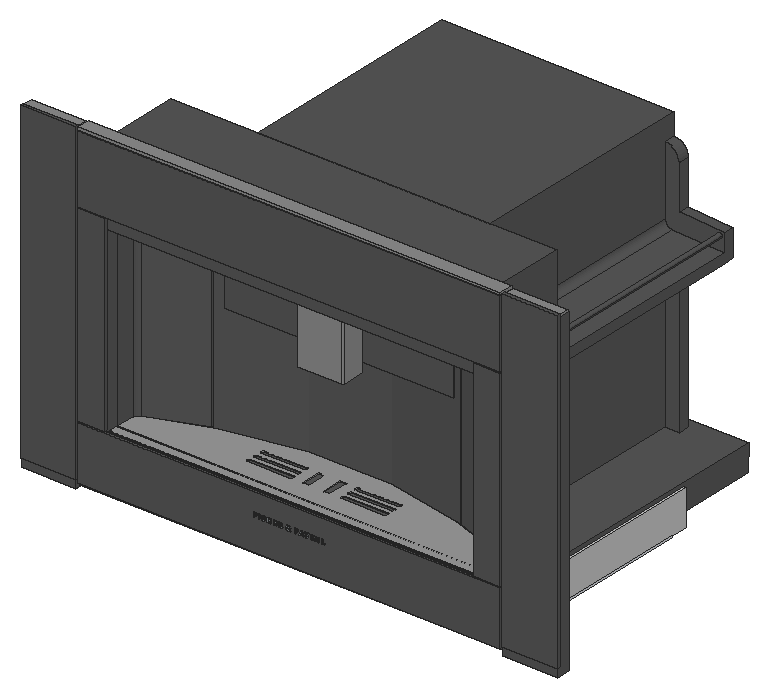
Revit family "FP-Revit20-en-EB30MSB3-BuiltInCoffeeMaker-0-90005525A-US-CA", category Specialty Equipment, Revit 2020
Family settings
  Round Connector Dimension = Use Diameter
  Part Type = Normal
  OmniClass Number = 23.40.40.14.17.31
  OmniClass Title = Small Specialized Cooking Equipment
  Work Plane-Based = No
  Always vertical = Yes
  Cut with Voids When Loaded = Yes
  Shared = No
  Room Calculation Point = No
Parameters (values of type "EB30MSB3")
  Visibility - Clearance Required = yes
  Visibility - 2 x 1mm spacers = yes
  URL = "www.fisherpaykel.com"
  Type Comments = "Minimal Black"
  Opening - Width = 762 mm  # constant formula
  Opening - Height = 460 mm  # constant formula
  Opening - Depth = 20 mm
  Model = "EB30MSB3"
  Material - Trim = Fisher & Paykel - Aluminium, Dark
  Material - Front = Fisher & Paykel - Glass, Black
  Manufacturer = "Fisher & Paykel Appliances"
  Description = "30in Built-In Coffee Maker"
  Default Elevation = 0 mm
  Connector Description - Electrical = "120 V, 60 Hz, 10A circuit"  # constant formula
  Cavity - Width = 560 mm  # constant formula
  Cavity - Height = 450 mm  # constant formula
  Cavity - Depth = 545 mm  # constant formula
Reference planes
  plane 1 "Center (Front/Back)": y = 0
  plane 2: z = 0
  plane 3 "Center (Left/Right)": x = 0
  plane 4 "Opening - Height": z = 460
  plane 5 "Product - Height": z = 458
  plane 6 "Product LHS": x = -381
  plane 7 "Product RHS": x = 381
  plane 8 "Cavity LHS": x = -280
  plane 9 "Cavity RHS": x = 280
  plane 10 "Cavity - Depth": y = 545
  plane 11 "Front": y = -20
  plane 12 "Slides": z = 2
  plane 13 "Cavity - Height": z = 450
Forms (mm)
  Extrusion 1, solid, material "Fisher & Paykel - Clearance Required", visible <- "Visibility - Clearance Required", detail levels coarse
    sketch origin (0, 0, 0) x (1, 0, 0) y (0, 1, 0)
      loop
        line (-280, 0) -> (280, 0) -> (280, 545) -> (-280, 545) -> (-280, 0)
    from 0 to 450
  Extrusion 2, void
    sketch origin (0, 0, 0) x (1, 0, 0) y (0, 1, 0)
      loop
        line (-280, 545) -> (-280, 0) -> (280, 0) -> (280, 545) -> (-280, 545)
    from 0 to 450
  Extrusion 3, solid, material "Fisher & Paykel - Clearance Required", visible <- "Visibility - Clearance Required", detail levels coarse
    sketch origin (0, 0, 0) x (1, 0, 0) y (0, 1, 0)
      loop
        line (-381, 0) -> (-381, -20) -> (-299, -20) -> (-299, -440) -> (299, -440) -> (299, -20) -> (381, -20) -> (381, 0) -> (-381, 0)
    from 0 to 460
  Extrusion 4, void
    sketch origin (0, 0, 0) x (1, 0, 0) y (0, 1, 0)
      loop
        line (-381, 0) -> (-381, -20) -> (381, -20) -> (381, 0) -> (-381, 0)
    from 0 to 460
  Extrusion 5, solid, visible <- "Visibility - 2 x 1mm spacers"
    sketch origin (0, 0, 0) x (1, 0, 0) y (0, 1, 0)
      loop
        line (-245, 304.699) -> (-280, 304.699) -> (-280, 4.699) -> (-245, 4.699) -> (-245, 304.699)
      loop
        line (245, 304.699) -> (245, 4.699) -> (280, 4.699) -> (280, 304.699) -> (245, 304.699)
    from 0 to 2
Text (mm)
  text "Due to ongoing product development, product details are subject to change without notice. \nPlease always refer to www.fisherpaykel.com for the most current product information. \n© Fisher & Paykel 2020" at (41.04, -248.295, 0), in view "Ref. Level (Plan)"
Dimensions and locks
  equal spacing: plane 6 "Product LHS", plane 3 "Center (Left/Right)", plane 7 "Product RHS"
  "Opening - Width": plane 6 "Product LHS" to plane 7 "Product RHS"
  equal spacing: plane 8 "Cavity LHS", plane 3 "Center (Left/Right)", plane 9 "Cavity RHS"
  "Cavity - Width": plane 8 "Cavity LHS" to plane 9 "Cavity RHS"
  "Cavity - Depth": plane 10 "Cavity - Depth" to plane 1 "Center (Front/Back)"
  "Opening - Depth": plane 11 "Front" to plane 1 "Center (Front/Back)"
  "Cavity - Height": level to plane 13 "Cavity - Height"
  "Opening - Height": plane 4 "Opening - Height" to level
  locked: Extrusion 3 to plane 11 "Front" at 420
  aligned and locked: level to plane 2
  aligned and locked: Extrusion 1 to Extrusion 2
  aligned and locked: Extrusion 2 to plane 13 "Cavity - Height"
  aligned and locked: nested 1 to plane 1 "Center (Front/Back)"
  aligned and locked: plane 3 "Center (Left/Right)" to nested 2
  aligned and locked: plane 11 "Front" to nested 2
  aligned and locked: plane 1 "Center (Front/Back)" to Extrusion 3 sketch curve
  aligned and locked: plane 1 "Center (Front/Back)" to Extrusion 4 sketch curve
  aligned and locked: plane 11 "Front" to Extrusion 4 sketch curve
  aligned and locked: plane 3 "Center (Left/Right)" to nested 3
  aligned and locked: Extrusion 2 to plane 9 "Cavity RHS"
  aligned and locked: Extrusion 1 to plane 9 "Cavity RHS"
  aligned and locked: Extrusion 1 to plane 8 "Cavity LHS"
  aligned and locked: Extrusion 2 to plane 8 "Cavity LHS"
  aligned and locked: plane 11 "Front" to nested 3
  aligned and locked: plane 6 "Product LHS" to Extrusion 4
  aligned and locked: Extrusion 4 to plane 7 "Product RHS"
  aligned and locked: Extrusion 3 sketch curve to plane 6 "Product LHS"
  aligned and locked: plane 11 "Front" to Extrusion 3 sketch curve  (x2)
  aligned and locked: plane 7 "Product RHS" to Extrusion 3 sketch curve
  aligned and locked: Extrusion 5 to plane 12 "Slides"
  aligned and locked: Extrusion 5 to level
Automatic sketch dimensions
  Extrusion 1 sketch curve to plane 10 "Cavity - Depth" = 0 mm
  plane 1 "Center (Front/Back)" to Extrusion 1 sketch curve = 0 mm
  Extrusion 1 sketch curve to plane 6 "Product LHS" = 101 mm
  plane 7 "Product RHS" to Extrusion 1 sketch curve = 101 mm
  plane 1 "Center (Front/Back)" to Extrusion 2 sketch curve = 0 mm
  Extrusion 2 sketch curve to plane 10 "Cavity - Depth" = 0 mm
  Extrusion 2 sketch curve to plane 6 "Product LHS" = 101 mm
  plane 7 "Product RHS" to Extrusion 2 sketch curve = 101 mm
  Extrusion 4 sketch curve to plane 9 "Cavity RHS" = 101 mm
  plane 8 "Cavity LHS" to Extrusion 4 sketch curve = 101 mm
  Extrusion 3 sketch curve to plane 11 "Front" = 420 mm
  Extrusion 5 sketch curve to plane 8 "Cavity LHS" = 0 mm
  Extrusion 5 sketch curve to plane 9 "Cavity RHS" = 0 mm
  Extrusion 5 sketch curve to plane 1 "Center (Front/Back)" = 4.699 mm  (x2)
  Extrusion 5 sketch curve to plane 8 "Cavity LHS" = 35 mm
  Extrusion 5 sketch curve to Extrusion 5 sketch curve = 35 mm
  Extrusion 5 sketch curve to plane 10 "Cavity - Depth" = 240.301 mm  (x2)
  plane 8 "Cavity LHS" to Extrusion 3 sketch curve = 19 mm
  Extrusion 3 sketch curve to plane 9 "Cavity RHS" = 19 mm
Nested families
  nested 1: "Coffee Chassis" at (0, -16, 0), type "Chassis Black"
  nested 2: "30in-76cm Coffee Fronts" at (0, 0, 0), type "Coffee Front Black INTERIM US"
  nested 3: "30in-76cm Coffee Trims" at (0, 0, 0), type "Coffee Trim Minimal (Black)"
Connectors
  electrical at (-101.254, 440, 186.022), driven by "Connector Description - Electrical"
    settings: on nested 1, index 1, voltage 120 V, apparent load 0 VA, apparent load phase1 0 VA, apparent load phase2 0 VA, apparent load phase3 0 VA, power factor 1, load classification "Other", number of poles 1, system type 30, power factor state 1, is connector primary yes, connector utility no, sub classification motor no, connector description "120 V, 60 Hz, 10A circuit"
Definition of nested family "Coffee Chassis"
  Parameters (values of type "Chassis Black")
    URL = "www.fisherpaykel.com"
    Product - Width = 596 mm  # constant formula
    Product - Height = 454 mm  # constant formula
    Product - Depth = 476 mm  # constant formula
    Model = ""
    Material - Trim = none
    Material - Tray = none
    Material - Slides = none
    Material - Body = none
    Manufacturer = "Fisher & Paykel Appliances"
    Description = ""
    Default Elevation = 0 mm
    Control Panel - Depth = 20 mm  # constant formula
    Chassis - Width = 560 mm  # constant formula
    Chassis - Height = 445 mm  # constant formula
    Chassis - Depth = 460 mm  # constant formula
  Reference planes
    plane 1 "Front": y = 0
    plane 2: z = 0
    plane 3 "Center (Left/Right)": x = 0
    plane 4 "Product LHS": x = -298
    plane 5 "Product RHS": x = 298
    plane 6 "Product Depth": y = 476
    plane 7 "Slides": z = 2
    plane 8 "Chassis - Height": z = 445
    plane 9 "Mouth - Top": z = 341
    plane 10 "Mouth - Bottom": z = 85
    plane 11 "Chassis LHS": x = -280
    plane 12 "Chassis RHS": x = 280
    plane 13 "Datum": y = 16
    plane 14 "Product - Height": z = 454
    plane 15 "Base": z = 14.93
    plane 16 "Gap - Bottom": z = 5
  Forms (mm)
    Extrusion 1, solid, material <- "Material - Body"
      sketch origin (0, 0, 0) x (0, 1, 0) y (0, 0, 1)
        loop
          line (128.374, 53.16) -> (128.374, 445) -> (16, 445) -> (16, 14.93) -> (465.804, 14.93) -> (465.804, 53.16) -> (128.374, 53.16)
      from -272 to 271.988
    Extrusion 2, solid, material <- "Material - Body", detail levels fine
      sketch origin (0, 0, 915) x (1, 0, 0) y (0, 0, 1)
        loop
          circle (255.488, -592.902) r 3
        loop
          arc (187.563, -609.055) -> (180.786, -606.262) -> (177.977, -599.491) r 9.564
          line (177.977, -599.491) -> (177.977, -470) -> (-150, -470) -> (-150, -598.732)
          arc (-150, -598.732) -> (-152.821, -605.693) -> (-159.691, -608.727) r 10
          line (-159.691, -608.727) -> (-262.013, -611.888) -> (-262.013, -626.018) -> (-159.512, -631.025)
          arc (-159.512, -631.025) -> (-152.758, -634.117) -> (-150, -641.013) r 10
          line (-150, -641.013) -> (-150, -861.84) -> (177.977, -861.84) -> (177.977, -640.642)
          arc (177.977, -640.642) -> (180.691, -633.793) -> (187.359, -630.661) r 10
          line (187.359, -630.661) -> (261.48, -626.071) -> (261.48, -612.279) -> (187.563, -609.055)
        loop
          circle (-255.488, -591.866) r 3
      from -436.81 to -128.374
    Extrusion 3, solid, material <- "Material - Body", detail levels fine
      sketch origin (0, 0, 0) x (1, 0, 0) y (0, 0, 1)
        loop
          line (261.565, 327.556) -> (197.96, 331.426) -> (197.96, 393.606)
          arc (197.96, 393.606) -> (192.107, 407.736) -> (177.977, 413.589) r 19.983
          line (177.977, 413.589) -> (177.977, 445) -> (-150, 445) -> (-150, 413.178)
          arc (-150, 413.178) -> (-164.13, 407.325) -> (-169.983, 393.195) r 19.983
          line (-169.983, 393.195) -> (-169.983, 331.879) -> (-262.057, 328.011) -> (-262.057, 288.985) -> (-170, 284.487) -> (-170, 53.16) -> (197.977, 53.16) -> (197.977, 286.156) -> (261.565, 288.933) -> (261.565, 327.556)
      from -452.248 to -436.81
    Extrusion 4, void
      sketch origin (0, 0, 0) x (1, 0, 0) y (0, 1, 0)
        loop
          line (-260.211, 0) -> (260.211, 0) -> (258.097, 43.307)
          arc (258.097, 43.307) -> (256.532, 47.844) -> (252.912, 50.994) r 9.287
          arc (252.912, 50.994) -> (215.2, 66.982) -> (176.484, 80.359) r 600.007
          line (176.484, 80.359) -> (176.484, 87.818) -> (173.853, 87.818) -> (173.853, 81.162)
          arc (173.853, 81.162) -> (0, 106.902) -> (-173.853, 81.162) r 600.007
          line (-173.853, 81.162) -> (-173.853, 87.818) -> (-176.484, 87.818) -> (-176.484, 80.359)
          arc (-176.484, 80.359) -> (-215.2, 66.982) -> (-252.912, 50.994) r 600.007
          arc (-252.912, 50.994) -> (-256.532, 47.844) -> (-258.097, 43.307) r 9.287
          line (-258.097, 43.307) -> (-260.211, 0)
      from 85 to 341
    Extrusion 5, solid, material <- "Material - Body", detail levels fine
      sketch origin (0, 0, 0) x (1, 0, 0) y (0, 1, 0)
        loop
          line (-238.877, 56.473) -> (238.036, 56.473) -> (238.036, 116.01) -> (-238.877, 116.01) -> (-238.877, 56.473)
      from 314 to 341
    Extrusion 6, solid, material <- "Material - Trim", detail levels medium+fine
      sketch origin (0, 0, 0) x (1, 0, 0) y (0, 1, 0)
        loop
          line (-33, 83.529) -> (-33, 52.807)
          arc (-33, 52.807) -> (-32.412, 51.388) -> (-30.993, 50.8) r 2.007
          line (-30.993, 50.8) -> (31, 50.8)
          arc (31, 50.8) -> (32.414, 51.386) -> (33, 52.8) r 2
          line (33, 52.8) -> (33, 83.529) -> (-33, 83.529)
      from 225.543 to 324.588
    Extrusion 7, solid, material <- "Material - Body", detail levels coarse+medium
      sketch origin (0, -20, 915) x (-1, 0, 0) y (0, 0, 1)
        loop
          line (-197.977, -582.445) -> (-261.48, -582.445) -> (-261.48, -628.151) -> (-197.977, -628.151) -> (-197.977, -861.84) -> (170, -861.84) -> (170, -628.151) -> (261.967, -628.151) -> (261.967, -582.445) -> (170, -582.445) -> (170, -470) -> (-197.977, -470) -> (-197.977, -582.445)
      from 148.374 to 472.248
    Extrusion 8, solid, material <- "Material - Slides"
      sketch origin (0, 0, 0) x (1, 0, 0) y (0, 0, 1)
        loop
          line (254.775, 2) -> (280, 2) -> (280, 52.016) -> (277.498, 52.016) -> (277.498, 4.93) -> (259.1, 4.93) -> (259.1, 32.03) -> (235, 32.03) -> (235, 3.438) -> (254.775, 3.438) -> (254.775, 2)
        loop
          line (-254.775, 2) -> (-254.775, 3.539) -> (-235, 3.539) -> (-235, 32.03) -> (-259.1, 32.03) -> (-259.1, 4.93) -> (-277.498, 4.93) -> (-277.498, 52.016) -> (-280, 52.016) -> (-280, 2) -> (-254.775, 2)
      from -345.209 to -18.121
    Extrusion 9, solid, material <- "Material - Tray", detail levels fine
      sketch origin (0, 0, 0) x (1, 0, 0) y (0, 1, 0)
        loop
          line (-260.065, 3) -> (260.065, 3) -> (258.113, 42.974)
          arc (258.113, 42.974) -> (256.505, 47.816) -> (252.624, 51.127) r 9.5
          arc (252.624, 51.127) -> (0.01, 106.902) -> (-252.606, 51.136) r 600.007
          arc (-252.606, 51.136) -> (-256.5, 47.813) -> (-258.114, 42.954) r 9.532
          line (-258.114, 42.954) -> (-260.065, 3)
        loop
          arc (-96.162, 73.7) -> (-99.162, 70.7) -> (-96.162, 67.7) r 3
          line (-96.162, 67.7) -> (-36.788, 67.7)
          arc (-36.788, 67.7) -> (-33.788, 70.7) -> (-36.788, 73.7) r 3
          line (-36.788, 73.7) -> (-96.162, 73.7)
        loop
          arc (-96.162, 61.7) -> (-99.162, 58.7) -> (-96.162, 55.7) r 3
          line (-96.162, 55.7) -> (-36.788, 55.7)
          arc (-36.788, 55.7) -> (-33.788, 58.7) -> (-36.788, 61.7) r 3
          line (-36.788, 61.7) -> (-96.162, 61.7)
        loop
          arc (-96.162, 49.7) -> (-99.162, 46.7) -> (-96.162, 43.7) r 3
          line (-96.162, 43.7) -> (-36.788, 43.7)
          arc (-36.788, 43.7) -> (-33.788, 46.7) -> (-36.788, 49.7) r 3
          line (-36.788, 49.7) -> (-96.162, 49.7)
        loop
          line (-19.49, 73.102) -> (-19.49, 44.102) -> (-10.49, 44.102) -> (-10.49, 73.102) -> (-19.49, 73.102)
        loop
          line (96.162, 73.7) -> (36.788, 73.7)
          arc (36.788, 73.7) -> (33.788, 70.7) -> (36.788, 67.7) r 3
          line (36.788, 67.7) -> (96.162, 67.7)
          arc (96.162, 67.7) -> (99.162, 70.7) -> (96.162, 73.7) r 3
        loop
          line (96.162, 61.7) -> (36.788, 61.7)
          arc (36.788, 61.7) -> (33.788, 58.7) -> (36.788, 55.7) r 3
          line (36.788, 55.7) -> (96.162, 55.7)
          arc (96.162, 55.7) -> (99.162, 58.7) -> (96.162, 61.7) r 3
        loop
          line (96.162, 49.7) -> (36.788, 49.7)
          arc (36.788, 49.7) -> (33.788, 46.7) -> (36.788, 43.7) r 3
          line (36.788, 43.7) -> (96.162, 43.7)
          arc (96.162, 43.7) -> (99.162, 46.7) -> (96.162, 49.7) r 3
        loop
          line (19.49, 73.102) -> (10.49, 73.102) -> (10.49, 44.102) -> (19.49, 44.102) -> (19.49, 73.102)
      from 84.2 to 85.2
    Extrusion 10, solid, material <- "Material - Body"
      sketch origin (0, 0, 0) x (0, 1, 0) y (0, 0, 1)
        loop
          line (465.804, 40.93) -> (465.804, 14.93) -> (476, 14.93) -> (476, 40.93) -> (465.804, 40.93)
      from -56 to 56
    Extrusion 11, solid, material <- "Material - Body"
      sketch origin (0, 0, 0) x (1, 0, 0) y (0, 0, 1)
        loop
          line (-298, 454) -> (-298, 5) -> (298, 5) -> (298, 454) -> (-298, 454)
        loop
          line (-47, 433.93) -> (-47, 380.93) -> (47, 380.93) -> (47, 433.93) -> (-47, 433.93)
      from -16 to 0
    Extrusion 12, solid, material <- "Material - Body"
      sketch origin (0, 0, 0) x (1, 0, 0) y (0, 1, 0)
        loop
          line (-122.901, 460.543) -> (-122.901, 452.248) -> (-79.501, 452.248) -> (-79.501, 460.543) -> (-122.901, 460.543)
      from 214 to 292
    Extrusion 13, solid, material <- "Material - Body", detail levels medium+fine
      sketch origin (0, -0.938, 0) x (1, 0, 0) y (0, 1, 0)
        loop
          circle (-101.254, 456.938) r 3
      from 186.022 to 214
    Extrusion 14, solid, material <- "Material - Body", detail levels fine
      sketch origin (0, 0, 0) x (1, 0, 0) y (0, 0, 1)
        loop
          line (156.598, 369.528) -> (-63.802, 369.528) -> (-63.802, 164.332) -> (156.598, 164.332) -> (156.598, 369.528)
      from -462.6 to -452.248
    Extrusion 15, solid, material <- "Material - Body"
      sketch origin (0, 0, 0) x (1, 0, 0) y (0, 0, 1)
        loop
          circle (-78, 71.181) r 5
        loop
          circle (-78, 71.181) r 3
      from -460 to -452.248
    Extrusion 16, solid, material <- "Material - Body", detail levels fine
      sketch origin (0, 0, 0) x (1, 0, 0) y (0, 0, 1)
        loop
          line (-162.217, 314) -> (-162.217, 239.014) -> (162.217, 239.014) -> (162.217, 314) -> (-162.217, 314)
      from -116.01 to -83.529
    Extrusion 17, solid, material <- "Material - Body", detail levels fine
      sketch origin (0, 0, 0) x (-1, 0, 0) y (0, -1, 0)
        loop
          line (245, -320.699) -> (280, -320.699) -> (280, -20.699) -> (245, -20.699) -> (245, -320.699)
      from 0 to 2
  Cuts and joins
    Extrusion 4 cuts Extrusion 1
    Extrusion 4 cuts Extrusion 11
    joined: Extrusion 2, Extrusion 3
  Text (mm)
    text "Due to ongoing product development, product details are subject to change without notice. \nPlease always refer to www.fisherpaykel.com for the most current product information. \n© Fisher & Paykel 2020" at (41.04, -248.295, 0), in view "Ref. Level (Plan)"
  Dimensions and locks
    equal spacing: plane 4 "Product LHS", plane 3 "Center (Left/Right)", plane 5 "Product RHS"
    "Product - Width": plane 4 "Product LHS" to plane 5 "Product RHS"
    equal spacing: plane 11 "Chassis LHS", plane 3 "Center (Left/Right)", plane 12 "Chassis RHS"
    "Chassis - Width": plane 11 "Chassis LHS" to plane 12 "Chassis RHS"
    "Product - Depth": plane 6 "Product Depth" to plane 1 "Front"
    locked: plane 9 "Mouth - Top" to plane 10 "Mouth - Bottom" at 256
    Extrusion 6 to Extrusion 6 = 99.045 mm
    Extrusion 6 to plane 10 "Mouth - Bottom" = 140.543 mm
    "Chassis - Depth": plane 6 "Product Depth" to plane 13 "Datum"
    "Chassis - Height": plane 8 "Chassis - Height" to level
    "Product - Height": level to plane 14 "Product - Height"
    locked: plane 16 "Gap - Bottom" to level at 5
    locked: plane 10 "Mouth - Bottom" to level at 85
    aligned and locked: level to plane 2
    aligned and locked: Extrusion 2 to Extrusion 1
    aligned and locked: Extrusion 3 to Extrusion 2  (x2)
    aligned and locked: Extrusion 4 to Extrusion 5
    aligned and locked: plane 9 "Mouth - Top" to cut or joined group of Extrusion 1, Extrusion 4
    aligned and locked: plane 10 "Mouth - Bottom" to cut or joined group of Extrusion 1, Extrusion 4
    aligned and locked: Extrusion 7 to Extrusion 7  (x2)
    aligned and locked: plane 8 "Chassis - Height" to cut or joined group of Extrusion 1, Extrusion 4
    aligned and locked: plane 8 "Chassis - Height" to Extrusion 2
    aligned and locked: Extrusion 3 sketch curve to cut or joined group of Extrusion 1, Extrusion 4
    aligned and locked: Extrusion 10 sketch curve to plane 6 "Product Depth"
    aligned and locked: Extrusion 1 sketch curve to Extrusion 10
    aligned and locked: Extrusion 11 sketch curve to plane 4 "Product LHS"
    aligned and locked: plane 5 "Product RHS" to Extrusion 11 sketch curve
    aligned and locked: plane 14 "Product - Height" to Extrusion 11 sketch curve
    aligned and locked: plane 13 "Datum" to Extrusion 11
    aligned and locked: plane 1 "Front" to Extrusion 4
    aligned and locked: plane 12 "Chassis RHS" to Extrusion 8
    aligned and locked: Extrusion 7 to cut or joined group of Extrusion 1, Extrusion 4
    aligned and locked: Extrusion 13 to Extrusion 12
    aligned and locked: cut or joined group of Extrusion 1, Extrusion 4 to Extrusion 2 sketch curve
    aligned and locked: plane 16 "Gap - Bottom" to cut or joined group of Extrusion 4, Extrusion 11
    aligned and locked: Extrusion 3 sketch curve to Extrusion 2  (x2)
    aligned and locked: Extrusion 14 to Extrusion 3
    aligned and locked: Extrusion 5 to Extrusion 16
    aligned and locked: Extrusion 17 to plane 7 "Slides"
    aligned and locked: Extrusion 17 to level
  Automatic sketch dimensions
    Extrusion 1 sketch curve to plane 13 "Datum" = 0 mm
    Extrusion 1 sketch curve to plane 8 "Chassis - Height" = 0 mm
    plane 10 "Mouth - Bottom" to Extrusion 1 sketch curve = 31.84 mm
    Extrusion 1 sketch curve to plane 6 "Product Depth" = 10.196 mm
    Extrusion 2 sketch curve to plane 8 "Chassis - Height" = 0 mm
    plane 11 "Chassis LHS" to Extrusion 2 sketch curve = 17.987 mm
    Extrusion 2 sketch curve to Extrusion 2 sketch curve = 6.524 mm
    Extrusion 2 sketch curve to plane 9 "Mouth - Top" = 24.732 mm
    Extrusion 2 sketch curve to Extrusion 2 sketch curve = 95.488 mm
    Extrusion 2 sketch curve to Extrusion 2 sketch curve = 0 mm
    Extrusion 2 sketch curve to plane 9 "Mouth - Top" = 34.727 mm
    Extrusion 2 sketch curve to Extrusion 2 sketch curve = 0.309 mm
    Extrusion 2 sketch curve to plane 9 "Mouth - Top" = 57.025 mm
    Extrusion 2 sketch curve to Extrusion 2 sketch curve = 0.488 mm
    plane 11 "Chassis LHS" to Extrusion 2 sketch curve = 130 mm
    Extrusion 2 sketch curve to plane 12 "Chassis RHS" = 102.023 mm  (x2)
    Extrusion 2 sketch curve to plane 9 "Mouth - Top" = 56.661 mm
    Extrusion 2 sketch curve to Extrusion 2 sketch curve = 9.382 mm
    Extrusion 2 sketch curve to Extrusion 2 sketch curve = 9.564 mm
    Extrusion 2 sketch curve to plane 9 "Mouth - Top" = 35.055 mm
    Extrusion 2 sketch curve to Extrusion 2 sketch curve = 0.022 mm
    Extrusion 2 sketch curve to Extrusion 2 sketch curve = 10 mm
    Extrusion 2 sketch curve to plane 12 "Chassis RHS" = 24.512 mm
    Extrusion 2 sketch curve to plane 12 "Chassis RHS" = 18.52 mm
    Extrusion 2 sketch curve to plane 9 "Mouth - Top" = 52.071 mm
    Extrusion 2 sketch curve to plane 9 "Mouth - Top" = 52.018 mm
    Extrusion 2 sketch curve to Extrusion 2 sketch curve = 13.792 mm
    Extrusion 2 sketch curve to Extrusion 2 sketch curve = 14.129 mm
    Extrusion 2 sketch curve to plane 9 "Mouth - Top" = 18.902 mm
    Extrusion 2 sketch curve to plane 9 "Mouth - Top" = 17.866 mm
    Extrusion 3 sketch curve to plane 8 "Chassis - Height" = 0 mm
    Extrusion 3 sketch curve to plane 9 "Mouth - Top" = 9.121 mm
    Extrusion 3 sketch curve to Extrusion 3 sketch curve = 19.983 mm  (x2)
    Extrusion 3 sketch curve to Extrusion 3 sketch curve = 0.017 mm
    plane 11 "Chassis LHS" to Extrusion 3 sketch curve = 17.943 mm
    Extrusion 3 sketch curve to plane 9 "Mouth - Top" = 9.574 mm
    Extrusion 3 sketch curve to plane 12 "Chassis RHS" = 82.023 mm
    Extrusion 3 sketch curve to plane 12 "Chassis RHS" = 18.435 mm
    Extrusion 3 sketch curve to Extrusion 3 sketch curve = 47.392 mm
    Extrusion 3 sketch curve to Extrusion 3 sketch curve = 45.269 mm
    Extrusion 3 sketch curve to plane 9 "Mouth - Top" = 52.067 mm
    Extrusion 3 sketch curve to plane 9 "Mouth - Top" = 52.015 mm
    Extrusion 3 sketch curve to plane 9 "Mouth - Top" = 13.444 mm
    Extrusion 3 sketch curve to plane 9 "Mouth - Top" = 12.989 mm
    Extrusion 3 sketch curve to plane 8 "Chassis - Height" = 51.805 mm
    Extrusion 3 sketch curve to plane 8 "Chassis - Height" = 51.394 mm
    Extrusion 4 sketch curve to Extrusion 4 sketch curve = 0 mm  (x4)
    plane 1 "Front" to Extrusion 4 sketch curve = 0 mm
    Extrusion 4 sketch curve to plane 3 "Center (Left/Right)" = 0 mm
    plane 11 "Chassis LHS" to Extrusion 4 sketch curve = 106.147 mm
    Extrusion 4 sketch curve to Extrusion 4 sketch curve = 2.63 mm  (x2)
    plane 11 "Chassis LHS" to Extrusion 4 sketch curve = 31.167 mm
    Extrusion 4 sketch curve to Extrusion 4 sketch curve = 9.264 mm  (x2)
    plane 11 "Chassis LHS" to Extrusion 4 sketch curve = 19.789 mm
    Extrusion 4 sketch curve to plane 12 "Chassis RHS" = 106.147 mm
    Extrusion 4 sketch curve to plane 12 "Chassis RHS" = 31.167 mm
    Extrusion 4 sketch curve to plane 12 "Chassis RHS" = 19.789 mm
    plane 1 "Front" to Extrusion 4 sketch curve = 493.105 mm
    Extrusion 4 sketch curve to Extrusion 4 sketch curve = 0.657 mm  (x2)
    Extrusion 4 sketch curve to plane 1 "Front" = 80.359 mm  (x2)
    Extrusion 4 sketch curve to Extrusion 4 sketch curve = 0.803 mm
    Extrusion 4 sketch curve to Extrusion 4 sketch curve = 6.656 mm  (x2)
    plane 11 "Chassis LHS" to Extrusion 5 sketch curve = 41.123 mm
    Extrusion 5 sketch curve to plane 12 "Chassis RHS" = 41.964 mm
    Extrusion 5 sketch curve to Extrusion 5 sketch curve = 59.537 mm
    Extrusion 6 sketch curve to plane 3 "Center (Left/Right)" = 33 mm
    Extrusion 6 sketch curve to Extrusion 6 sketch curve = 2.007 mm
    plane 3 "Center (Left/Right)" to Extrusion 6 sketch curve = 31 mm
    plane 3 "Center (Left/Right)" to Extrusion 6 sketch curve = 33 mm
    Extrusion 6 sketch curve to Extrusion 6 sketch curve = 30.729 mm
    Extrusion 7 sketch curve to plane 8 "Chassis - Height" = 0 mm
    Extrusion 7 sketch curve to plane 12 "Chassis RHS" = 18.52 mm
    Extrusion 7 sketch curve to plane 9 "Mouth - Top" = 8.445 mm  (x2)
    Extrusion 7 sketch curve to Extrusion 7 sketch curve = 63.503 mm
    Extrusion 7 sketch curve to Extrusion 7 sketch curve = 0 mm  (x2)
    Extrusion 7 sketch curve to plane 9 "Mouth - Top" = 54.151 mm
    plane 11 "Chassis LHS" to Extrusion 7 sketch curve = 110 mm
    plane 11 "Chassis LHS" to Extrusion 7 sketch curve = 18.033 mm
    Extrusion 7 sketch curve to Extrusion 7 sketch curve = 45.705 mm
    plane 10 "Mouth - Bottom" to Extrusion 7 sketch curve = 31.84 mm
    Extrusion 9 sketch curve to plane 3 "Center (Left/Right)" = 0 mm
    Extrusion 9 sketch curve to plane 3 "Center (Left/Right)" = 10.49 mm
    Extrusion 9 sketch curve to Extrusion 9 sketch curve = 9 mm  (x2)
    Extrusion 9 sketch curve to Extrusion 9 sketch curve = 17.298 mm  (x3)
    Extrusion 9 sketch curve to Extrusion 9 sketch curve = 0 mm  (x9)
    Extrusion 9 sketch curve to Extrusion 9 sketch curve = 59.375 mm  (x2)
    plane 11 "Chassis LHS" to Extrusion 9 sketch curve = 31.407 mm
    Extrusion 9 sketch curve to Extrusion 9 sketch curve = 9.521 mm
    Extrusion 9 sketch curve to plane 1 "Front" = 3 mm
    plane 11 "Chassis LHS" to Extrusion 9 sketch curve = 19.935 mm
    plane 3 "Center (Left/Right)" to Extrusion 9 sketch curve = 10.49 mm
    Extrusion 9 sketch curve to plane 12 "Chassis RHS" = 31.376 mm
    Extrusion 9 sketch curve to Extrusion 9 sketch curve = 9.489 mm
    Extrusion 9 sketch curve to plane 12 "Chassis RHS" = 19.935 mm
    plane 1 "Front" to Extrusion 9 sketch curve = 493.105 mm
    Extrusion 9 sketch curve to Extrusion 9 sketch curve = 0.465 mm
    Extrusion 9 sketch curve to Extrusion 9 sketch curve = 0.463 mm
    Extrusion 9 sketch curve to Extrusion 9 sketch curve = 3 mm  (x6)
    Extrusion 9 sketch curve to Extrusion 9 sketch curve = 6 mm  (x4)
    Extrusion 9 sketch curve to Extrusion 9 sketch curve = 0.598 mm  (x2)
    plane 15 "Base" to Extrusion 10 sketch curve = 0 mm
    Extrusion 10 sketch curve to plane 6 "Product Depth" = 10.196 mm
    Extrusion 10 sketch curve to plane 15 "Base" = 26 mm
    Extrusion 11 sketch curve to plane 16 "Gap - Bottom" = 0 mm
    Extrusion 11 sketch curve to plane 8 "Chassis - Height" = 11.07 mm
    Extrusion 11 sketch curve to plane 3 "Center (Left/Right)" = 47 mm
    plane 3 "Center (Left/Right)" to Extrusion 11 sketch curve = 47 mm
    plane 9 "Mouth - Top" to Extrusion 11 sketch curve = 39.93 mm
    Extrusion 12 sketch curve to plane 6 "Product Depth" = 23.752 mm
    Extrusion 12 sketch curve to plane 3 "Center (Left/Right)" = 122.901 mm
    Extrusion 12 sketch curve to Extrusion 12 sketch curve = 43.4 mm
    Extrusion 12 sketch curve to Extrusion 12 sketch curve = 8.295 mm
    Extrusion 13 sketch curve to plane 6 "Product Depth" = 20 mm
    Extrusion 13 sketch curve to plane 3 "Center (Left/Right)" = 101.254 mm
    plane 9 "Mouth - Top" to Extrusion 14 sketch curve = 28.528 mm
    Extrusion 14 sketch curve to plane 3 "Center (Left/Right)" = 63.802 mm
    Extrusion 14 sketch curve to plane 12 "Chassis RHS" = 123.402 mm
    Extrusion 14 sketch curve to plane 10 "Mouth - Bottom" = 79.332 mm
    Extrusion 15 sketch curve to Extrusion 15 sketch curve = 0 mm  (x2)
    plane 10 "Mouth - Bottom" to Extrusion 15 sketch curve = 13.819 mm
    Extrusion 15 sketch curve to plane 3 "Center (Left/Right)" = 78 mm
    plane 11 "Chassis LHS" to Extrusion 16 sketch curve = 117.783 mm
    Extrusion 16 sketch curve to plane 12 "Chassis RHS" = 117.783 mm
    Extrusion 16 sketch curve to plane 9 "Mouth - Top" = 101.986 mm
    Extrusion 16 sketch curve to plane 9 "Mouth - Top" = 27 mm
    Extrusion 17 sketch curve to plane 11 "Chassis LHS" = 0 mm
    Extrusion 17 sketch curve to plane 11 "Chassis LHS" = 35 mm
    Extrusion 8 sketch curve to plane 11 "Chassis LHS" = 0 mm
    Extrusion 8 sketch curve to plane 7 "Slides" = 0 mm  (x2)
    Extrusion 8 sketch curve to plane 12 "Chassis RHS" = 0 mm
    Extrusion 8 sketch curve to plane 16 "Gap - Bottom" = 0.07 mm  (x2)
    plane 11 "Chassis LHS" to Extrusion 8 sketch curve = 2.502 mm
    Extrusion 8 sketch curve to Extrusion 8 sketch curve = 18.398 mm
    Extrusion 8 sketch curve to Extrusion 8 sketch curve = 4.325 mm
    Extrusion 8 sketch curve to Extrusion 8 sketch curve = 24.1 mm
    Extrusion 8 sketch curve to plane 15 "Base" = 17.1 mm  (x2)
    Extrusion 8 sketch curve to plane 12 "Chassis RHS" = 45 mm
    Extrusion 8 sketch curve to Extrusion 8 sketch curve = 19.775 mm
    Extrusion 8 sketch curve to plane 12 "Chassis RHS" = 20.9 mm
    Extrusion 8 sketch curve to plane 12 "Chassis RHS" = 2.502 mm
    Extrusion 8 sketch curve to plane 7 "Slides" = 1.438 mm
    Extrusion 8 sketch curve to plane 16 "Gap - Bottom" = 1.461 mm
    Extrusion 8 sketch curve to Extrusion 8 sketch curve = 19.986 mm  (x2)
    plane 13 "Datum" to Extrusion 1 sketch curve = 112.374 mm
    Extrusion 4 sketch curve to plane 1 "Front" = 42.65 mm  (x2)
    plane 13 "Datum" to Extrusion 5 sketch curve = 40.473 mm
    plane 13 "Datum" to Extrusion 6 sketch curve = 34.8 mm
    plane 13 "Datum" to Extrusion 9 sketch curve = 26.489 mm
    plane 13 "Datum" to Extrusion 9 sketch curve = 26.511 mm
    plane 13 "Datum" to Extrusion 9 sketch curve = 27.7 mm  (x2)
    Extrusion 9 sketch curve to Extrusion 9 sketch curve = 0.402 mm
    Extrusion 17 sketch curve to plane 13 "Datum" = 4.699 mm
    plane 6 "Product Depth" to Extrusion 17 sketch curve = 155.301 mm
    radius of Extrusion 2 sketch curve = 3 mm  (x2)
    radius of Extrusion 13 sketch curve = 3 mm
    radius of Extrusion 15 sketch curve = 5 mm
    radius of Extrusion 15 sketch curve = 3 mm
Definition of nested family "30in-76cm Coffee Fronts"
  Parameters (values of type "Coffee Front Black INTERIM US")
    URL = "www.fisherpaykel.com"
    Product - Width = 596 mm
    Product - Height = 458 mm  # constant formula
    Product - Depth = 20 mm
    Model = ""
    Material - Trim = none
    Material - Logo = none
    Material - Front = none
    Material - Display Panel = none
    Material - Body = none
    Manufacturer = "Fisher & Paykel Appliances"
    Keynote = ""
    Visibility - Interim Black US = yes
    Gap Lower - Height = 9 mm
    Description = ""
    Default Elevation = 0 mm
  Reference planes
    plane 1 "Datum": y = 0
    plane 2: z = 0
    plane 3 "Center (Left/Right)": x = 0
    plane 4 "Product - Height": z = 458
    plane 5 "Front": y = -20
    plane 6 "Bottom Gap": z = 9
    plane 7 "Product - Width RHS": x = 298
    plane 8 "Product - Width LHS": x = -298
    plane 9 "Frame": y = -16
    plane 10 "A": z = 358
    plane 11 "D": x = 260
    plane 12 "B": z = 84.984
    plane 13 "C": x = -260
  Forms (mm)
    Extrusion 1, solid, material <- "Material - Front", detail levels coarse
      sketch origin (0, 0, 0) x (1, 0, 0) y (0, 0, 1)
        loop
          line (-298, 458) -> (-298, 9) -> (298, 9) -> (298, 458) -> (-298, 458)
        loop
          line (-260, 84.984) -> (260, 84.984) -> (260, 358) -> (-260, 358) -> (-260, 84.984)
      from 16 to 20
    Extrusion 2, solid, material <- "Material - Front", visible <- "Visibility - Interim Black US", detail levels medium+fine
      sketch origin (0, 0, 0) x (1, 0, 0) y (0, 0, 1)
        loop
          line (-298, 454.13) -> (-298, 358) -> (298, 358) -> (298, 454.13) -> (-298, 454.13)
        loop
          line (-260, 356) -> (-298, 356) -> (-298, 86.984) -> (-260, 86.984) -> (-260, 356)
        loop
          line (-298, 9) -> (298, 9) -> (298, 84.984) -> (-298, 84.984) -> (-298, 9)
        loop
          line (260, 356) -> (260, 86.984) -> (298, 86.984) -> (298, 356) -> (260, 356)
      from 16 to 20
    Extrusion 3, solid, material <- "Material - Logo", visible <- "Visibility - Interim Black US", detail levels fine
      sketch origin (0.043, 1.992, 58.199) x (1, 0, 0) y (0, 0, 1)
        loop
          line (-50.044, -5.187) -> (-48.47, -5.187) -> (-48.47, -3.05) -> (-46.011, -3.05) -> (-46.011, -1.715) -> (-48.47, -1.715) -> (-48.47, -0.476) -> (-45.795, -0.476) -> (-45.795, 0.852) -> (-50.044, 0.852) -> (-50.044, -5.187)
        loop
          line (-42.804, 0.852) -> (-42.804, -5.187) -> (-41.23, -5.187) -> (-41.23, 0.852) -> (-42.804, 0.852)
        loop
          line (-30.724, 0.852) -> (-30.724, -5.187) -> (-29.151, -5.187) -> (-29.151, -2.768) -> (-26.839, -2.768) -> (-26.839, -5.187) -> (-25.265, -5.187) -> (-25.265, 0.852) -> (-26.839, 0.852) -> (-26.839, -1.44) -> (-29.151, -1.44) -> (-29.151, 0.852) -> (-30.724, 0.852)
        loop
          line (-21.906, 0.852) -> (-21.906, -5.187) -> (-17.602, -5.187) -> (-17.602, -3.859) -> (-20.347, -3.859) -> (-20.347, -2.768) -> (-17.838, -2.768) -> (-17.838, -1.44) -> (-20.347, -1.44) -> (-20.347, -0.476) -> (-17.602, -0.476) -> (-17.602, 0.852) -> (-21.906, 0.852)
        loop
          line (45.667, 0.852) -> (45.667, -5.187) -> (49.956, -5.187) -> (49.956, -3.859) -> (47.241, -3.859) -> (47.241, 0.852) -> (45.667, 0.852)
        loop
          line (42.431, 0.852) -> (38.112, 0.852) -> (38.112, -5.187) -> (42.431, -5.187) -> (42.431, -3.859) -> (39.687, -3.859) -> (39.687, -2.768) -> (42.195, -2.768) -> (42.195, -1.44) -> (39.687, -1.44) -> (39.687, -0.476) -> (42.431, -0.476) -> (42.431, 0.852)
        loop
          line (33.451, -2.04) -> (35.683, 0.852) -> (33.844, 0.852) -> (31.915, -1.646) -> (31.915, 0.852) -> (30.342, 0.852) -> (30.342, -5.187) -> (31.915, -5.187) -> (31.915, -2.482) -> (33.903, -5.187) -> (35.763, -5.187) -> (33.451, -2.04)
        loop
          line (21.98, 0.852) -> (24.262, -2.768) -> (24.262, -5.187) -> (25.837, -5.187) -> (25.837, -2.847) -> (28.119, 0.852) -> (26.446, 0.852) -> (25.099, -1.48) -> (23.753, 0.852) -> (21.98, 0.852)
        loop
          line (18.479, 0.852) -> (16.983, 0.852) -> (14.524, -5.187) -> (16.069, -5.187) -> (16.501, -4.076) -> (18.921, -4.076) -> (19.354, -5.187) -> (20.938, -5.187) -> (18.479, 0.852)
        loop
          line (18.4, -2.748) -> (17.693, -1.013) -> (17.018, -2.748) -> (18.4, -2.748)
        loop
          line (8.031, 0.852) -> (8.031, -5.187) -> (9.605, -5.187) -> (9.605, -3.25) -> (10.599, -3.25)
          arc (10.599, -3.25) -> (12.65, -1.199) -> (10.599, 0.852) r 2.051
          line (10.599, 0.852) -> (8.031, 0.852)
        loop
          line (9.605, -0.476) -> (9.605, -1.99) -> (10.501, -1.99)
          arc (10.501, -1.99) -> (11.259, -1.233) -> (10.501, -0.476) r 0.757
          line (10.501, -0.476) -> (9.605, -0.476)
        loop
          line (-11.783, 0.852) -> (-14.366, 0.852) -> (-14.366, -5.187) -> (-12.792, -5.187) -> (-12.792, -3.851) -> (-11.992, -3.851) -> (-10.972, -5.187) -> (-9.153, -5.187) -> (-10.694, -3.215)
          arc (-10.694, -3.215) -> (-9.678, -0.763) -> (-11.783, 0.852) r 2.179
        loop
          line (-11.897, -0.476) -> (-12.792, -0.476) -> (-12.792, -2.135) -> (-11.897, -2.135)
          arc (-11.897, -2.135) -> (-11.068, -1.305) -> (-11.897, -0.476) r 0.83
        loop
          line (0.477, -0.476) -> (0.477, 0.965) -> (-3.575, 0.965) -> (-3.575, -0.337) -> (-2.974, -1.076)
          arc (-2.974, -1.076) -> (-3.51, -4.504) -> (-0.045, -4.676) r 2.334
          line (-0.045, -4.676) -> (0.46, -5.296) -> (2.246, -5.296) -> (0.86, -3.593) -> (2.061, -1.863) -> (0.443, -1.863) -> (-0.013, -2.521) -> (-1.677, -0.476) -> (0.477, -0.476)
        loop
          arc (-2.125, -2.119) -> (-2.269, -3.52) -> (-0.868, -3.664) r 0.996
          line (-0.868, -3.664) -> (-2.125, -2.119)
        loop
          line (-35.18, -1.553) -> (-36.516, -1.277)
          arc (-36.516, -1.277) -> (-37.049, -0.744) -> (-36.516, -0.211) r 0.533
          arc (-36.516, -0.211) -> (-35.235, -0.397) -> (-34.059, -0.94) r 4.505
          line (-34.059, -0.94) -> (-34.059, 0.556)
          arc (-34.059, 0.556) -> (-35.549, 0.992) -> (-37.1, 0.922) r 4.726
          arc (-37.1, 0.922) -> (-38.536, -0.853) -> (-37.1, -2.627) r 1.814
          line (-37.1, -2.627) -> (-35.754, -2.906)
          arc (-35.754, -2.906) -> (-35.221, -3.439) -> (-35.754, -3.971) r 0.533
          arc (-35.754, -3.971) -> (-37.035, -3.785) -> (-38.211, -3.243) r 4.505
          line (-38.211, -3.243) -> (-38.211, -4.738)
          arc (-38.211, -4.738) -> (-36.72, -5.174) -> (-35.169, -5.104) r 4.726
          arc (-35.169, -5.104) -> (-33.734, -3.324) -> (-35.18, -1.553) r 1.814
      from 22.1 to 20.918
    Extrusion 4, solid, material <- "Material - Trim", visible <- "Visibility - Interim Black US", detail levels fine
      sketch origin (0, 0, 0) x (0, 1, 0) y (0, 0, 1)
        loop
          line (-20, 458) -> (-20, 455.2) -> (-16, 455.2) -> (0, 454.361) -> (0, 458) -> (-20, 458)
      from -298 to 298
  Dimensions and locks
    "Product - Depth": plane 1 "Datum" to plane 5 "Front"
    "Product - Height": plane 4 "Product - Height" to level
    "Gap Lower - Height": plane 6 "Bottom Gap" to level
    equal spacing: plane 8 "Product - Width LHS", plane 3 "Center (Left/Right)", plane 7 "Product - Width RHS"
    "Product - Width": plane 8 "Product - Width LHS" to plane 7 "Product - Width RHS"
    locked: plane 9 "Frame" to plane 1 "Datum" at 16
    locked: Extrusion 3 to plane 5 "Front" at 0.108
    locked: plane 5 "Front" to Extrusion 3 at 1.074
    locked: plane 12 "B" to level at 84.984
    locked: plane 4 "Product - Height" to plane 10 "A" at 100
    equal spacing: plane 13 "C", plane 3 "Center (Left/Right)", plane 11 "D"
    locked: plane 13 "C" to plane 8 "Product - Width LHS" at 38
    plane 7 "Product - Width RHS" to plane 11 "D" = 38 mm
    locked: plane 4 "Product - Height" to Extrusion 2 at 3.87
    aligned and locked: level to plane 2
    aligned and locked: Extrusion 2 sketch curve to plane 7 "Product - Width RHS"  (x2)
    aligned and locked: plane 8 "Product - Width LHS" to Extrusion 2 sketch curve
    aligned and locked: Extrusion 2 to plane 5 "Front"
    aligned and locked: Extrusion 2 sketch curve to plane 8 "Product - Width LHS"
    aligned and locked: Extrusion 2 sketch curve to plane 6 "Bottom Gap"
    aligned and locked: Extrusion 1 to plane 5 "Front"
    aligned and locked: Extrusion 4 to plane 8 "Product - Width LHS"
    aligned and locked: plane 7 "Product - Width RHS" to Extrusion 4
    aligned and locked: plane 11 "D" to Extrusion 2 sketch curve
  Automatic sketch dimensions
    Extrusion 3 sketch curve to plane 3 "Center (Left/Right)" = 50.001 mm
    Extrusion 3 sketch curve to Extrusion 3 sketch curve = 1.574 mm  (x12)
    Extrusion 3 sketch curve to Extrusion 3 sketch curve = 2.459 mm
    Extrusion 3 sketch curve to Extrusion 3 sketch curve = 0.216 mm
    Extrusion 3 sketch curve to Extrusion 3 sketch curve = 3.207 mm
    Extrusion 3 sketch curve to Extrusion 3 sketch curve = 3.02 mm
    Extrusion 3 sketch curve to Extrusion 3 sketch curve = 1.11 mm
    Extrusion 3 sketch curve to Extrusion 3 sketch curve = 0.379 mm
    Extrusion 3 sketch curve to Extrusion 3 sketch curve = 0.206 mm  (x2)
    Extrusion 3 sketch curve to Extrusion 3 sketch curve = 0.36 mm  (x2)
    Extrusion 3 sketch curve to Extrusion 3 sketch curve = 0.402 mm
    Extrusion 3 sketch curve to Extrusion 3 sketch curve = 0 mm  (x21)
    Extrusion 3 sketch curve to Extrusion 3 sketch curve = 1.335 mm  (x2)
    Extrusion 3 sketch curve to Extrusion 3 sketch curve = 1.121 mm
    Extrusion 3 sketch curve to Extrusion 3 sketch curve = 3.335 mm
    Extrusion 3 sketch curve to Extrusion 3 sketch curve = 2.312 mm  (x2)
    Extrusion 3 sketch curve to Extrusion 3 sketch curve = 3.359 mm
    Extrusion 3 sketch curve to Extrusion 3 sketch curve = 1.559 mm
    Extrusion 3 sketch curve to Extrusion 3 sketch curve = 2.508 mm  (x2)
    Extrusion 3 sketch curve to Extrusion 3 sketch curve = 0.236 mm  (x4)
    Extrusion 3 sketch curve to Extrusion 3 sketch curve = 3.236 mm  (x2)
    Extrusion 3 sketch curve to Extrusion 3 sketch curve = 0.8 mm
    Extrusion 3 sketch curve to Extrusion 3 sketch curve = 0.895 mm
    Extrusion 3 sketch curve to Extrusion 3 sketch curve = 0.114 mm
    Extrusion 3 sketch curve to Extrusion 3 sketch curve = 1.02 mm
    Extrusion 3 sketch curve to Extrusion 3 sketch curve = 1.298 mm
    Extrusion 3 sketch curve to Extrusion 3 sketch curve = 1.82 mm
    Extrusion 3 sketch curve to plane 3 "Center (Left/Right)" = 3.532 mm
    Extrusion 3 sketch curve to Extrusion 3 sketch curve = 0.602 mm
    Extrusion 3 sketch curve to Extrusion 3 sketch curve = 0.849 mm
    Extrusion 3 sketch curve to Extrusion 3 sketch curve = 0.425 mm
    Extrusion 3 sketch curve to Extrusion 3 sketch curve = 1.297 mm
    Extrusion 3 sketch curve to Extrusion 3 sketch curve = 0.203 mm
    Extrusion 3 sketch curve to plane 3 "Center (Left/Right)" = 0.825 mm
    Extrusion 3 sketch curve to plane 3 "Center (Left/Right)" = 0.002 mm
    plane 3 "Center (Left/Right)" to Extrusion 3 sketch curve = 0.03 mm
    plane 3 "Center (Left/Right)" to Extrusion 3 sketch curve = 0.486 mm
    plane 3 "Center (Left/Right)" to Extrusion 3 sketch curve = 0.503 mm
    plane 3 "Center (Left/Right)" to Extrusion 3 sketch curve = 0.521 mm
    plane 3 "Center (Left/Right)" to Extrusion 3 sketch curve = 0.903 mm
    Extrusion 3 sketch curve to Extrusion 3 sketch curve = 1.618 mm
    Extrusion 3 sketch curve to Extrusion 3 sketch curve = 1.785 mm
    Extrusion 3 sketch curve to Extrusion 3 sketch curve = 5.971 mm
    Extrusion 3 sketch curve to Extrusion 3 sketch curve = 0.896 mm
    Extrusion 3 sketch curve to Extrusion 3 sketch curve = 0.994 mm
    Extrusion 3 sketch curve to Extrusion 3 sketch curve = 3.925 mm
    Extrusion 3 sketch curve to Extrusion 3 sketch curve = 1.545 mm
    Extrusion 3 sketch curve to Extrusion 3 sketch curve = 0.433 mm  (x2)
    Extrusion 3 sketch curve to Extrusion 3 sketch curve = 0.482 mm
    Extrusion 3 sketch curve to Extrusion 3 sketch curve = 0.517 mm
    Extrusion 3 sketch curve to Extrusion 3 sketch curve = 0.675 mm
    Extrusion 3 sketch curve to Extrusion 3 sketch curve = 1.381 mm
    Extrusion 3 sketch curve to Extrusion 3 sketch curve = 1.495 mm
    Extrusion 3 sketch curve to Extrusion 3 sketch curve = 0.522 mm
    Extrusion 3 sketch curve to Extrusion 3 sketch curve = 1.584 mm
    Extrusion 3 sketch curve to Extrusion 3 sketch curve = 3.502 mm
    Extrusion 3 sketch curve to Extrusion 3 sketch curve = 1.772 mm
    Extrusion 3 sketch curve to Extrusion 3 sketch curve = 0.51 mm
    Extrusion 3 sketch curve to Extrusion 3 sketch curve = 0.837 mm
    Extrusion 3 sketch curve to Extrusion 3 sketch curve = 0.737 mm
    Extrusion 3 sketch curve to Extrusion 3 sketch curve = 2.694 mm
    Extrusion 3 sketch curve to Extrusion 3 sketch curve = 1.673 mm
    Extrusion 3 sketch curve to Extrusion 3 sketch curve = 2.223 mm
    Extrusion 3 sketch curve to Extrusion 3 sketch curve = 1.535 mm
    Extrusion 3 sketch curve to Extrusion 3 sketch curve = 1.928 mm
    Extrusion 3 sketch curve to Extrusion 3 sketch curve = 1.987 mm
    Extrusion 3 sketch curve to Extrusion 3 sketch curve = 1.839 mm
    Extrusion 3 sketch curve to Extrusion 3 sketch curve = 1.86 mm
    Extrusion 3 sketch curve to Extrusion 3 sketch curve = 2.429 mm
    Extrusion 3 sketch curve to Extrusion 3 sketch curve = 2.715 mm
    plane 6 "Bottom Gap" to Extrusion 3 sketch curve = 43.903 mm
    plane 6 "Bottom Gap" to Extrusion 3 sketch curve = 44.011 mm
    Extrusion 3 sketch curve to Extrusion 3 sketch curve = 0.109 mm  (x4)
    Extrusion 3 sketch curve to Extrusion 3 sketch curve = 0.449 mm
    Extrusion 3 sketch curve to Extrusion 3 sketch curve = 0.023 mm
    Extrusion 3 sketch curve to Extrusion 3 sketch curve = 0.621 mm
    Extrusion 3 sketch curve to Extrusion 3 sketch curve = 1.112 mm
    Extrusion 3 sketch curve to Extrusion 3 sketch curve = 1.328 mm  (x10)
    Extrusion 3 sketch curve to Extrusion 3 sketch curve = 1.336 mm
    Extrusion 3 sketch curve to Extrusion 3 sketch curve = 1.015 mm
    Extrusion 3 sketch curve to Extrusion 3 sketch curve = 1.012 mm
    Extrusion 3 sketch curve to Extrusion 3 sketch curve = 1.082 mm
    Extrusion 3 sketch curve to Extrusion 3 sketch curve = 0.262 mm  (x2)
    Extrusion 3 sketch curve to Extrusion 3 sketch curve = 1.938 mm
    Extrusion 3 sketch curve to Extrusion 3 sketch curve = 1.496 mm  (x2)
    Extrusion 3 sketch curve to Extrusion 3 sketch curve = 0.637 mm
    Extrusion 3 sketch curve to Extrusion 3 sketch curve = 2.138 mm
    Extrusion 3 sketch curve to Extrusion 3 sketch curve = 0.632 mm
    Extrusion 3 sketch curve to Extrusion 3 sketch curve = 0.424 mm  (x2)
    Extrusion 3 sketch curve to Extrusion 3 sketch curve = 0.14 mm
    Extrusion 3 sketch curve to Extrusion 3 sketch curve = 2.341 mm
    Extrusion 3 sketch curve to Extrusion 3 sketch curve = 1.092 mm  (x2)
    Extrusion 3 sketch curve to Extrusion 3 sketch curve = 2.42 mm
    Extrusion 3 sketch curve to Extrusion 3 sketch curve = 0.079 mm
    Extrusion 3 sketch curve to Extrusion 3 sketch curve = 0.616 mm
    Extrusion 3 sketch curve to Extrusion 3 sketch curve = 1.073 mm
    Extrusion 3 sketch curve to Extrusion 3 sketch curve = 2.705 mm
    Extrusion 3 sketch curve to Extrusion 3 sketch curve = 1.716 mm
    Extrusion 3 sketch curve to Extrusion 3 sketch curve = 0.442 mm
    Extrusion 3 sketch curve to Extrusion 3 sketch curve = 1.259 mm
    Extrusion 3 sketch curve to Extrusion 3 sketch curve = 1.73 mm
    Extrusion 3 sketch curve to Extrusion 3 sketch curve = 0.836 mm
    Extrusion 3 sketch curve to Extrusion 3 sketch curve = 1.352 mm
    Extrusion 3 sketch curve to Extrusion 3 sketch curve = 1.287 mm
    Extrusion 3 sketch curve to Extrusion 3 sketch curve = 0.808 mm
    Extrusion 3 sketch curve to Extrusion 3 sketch curve = 0.022 mm
    Extrusion 3 sketch curve to Extrusion 3 sketch curve = 0.276 mm
    Extrusion 3 sketch curve to Extrusion 3 sketch curve = 0.757 mm
    Extrusion 3 sketch curve to Extrusion 3 sketch curve = 0.034 mm
    Extrusion 3 sketch curve to Extrusion 3 sketch curve = 1.735 mm
    Extrusion 3 sketch curve to Extrusion 3 sketch curve = 0.614 mm
    Extrusion 3 sketch curve to Extrusion 3 sketch curve = 0.6 mm
    Extrusion 3 sketch curve to Extrusion 3 sketch curve = 0.964 mm  (x2)
    Extrusion 3 sketch curve to Extrusion 3 sketch curve = 1.24 mm
    Extrusion 3 sketch curve to Extrusion 3 sketch curve = 0.739 mm
    Extrusion 3 sketch curve to Extrusion 3 sketch curve = 0.744 mm
    Extrusion 3 sketch curve to Extrusion 3 sketch curve = 2.292 mm  (x2)
    Extrusion 3 sketch curve to Extrusion 3 sketch curve = 1.866 mm
    Extrusion 3 sketch curve to Extrusion 3 sketch curve = 2.892 mm
    Extrusion 3 sketch curve to Extrusion 3 sketch curve = 2.498 mm
    Extrusion 3 sketch curve to Extrusion 3 sketch curve = 1.302 mm
    Extrusion 4 sketch curve to plane 4 "Product - Height" = 0 mm
    Extrusion 4 sketch curve to plane 5 "Front" = 0 mm
    Extrusion 4 sketch curve to plane 9 "Frame" = 0 mm
    Extrusion 4 sketch curve to plane 1 "Datum" = 0 mm
    Extrusion 4 sketch curve to Extrusion 4 sketch curve = 2.8 mm
    Extrusion 4 sketch curve to plane 4 "Product - Height" = 3.639 mm
    Extrusion 1 sketch curve to plane 4 "Product - Height" = 0 mm
    Extrusion 1 sketch curve to plane 8 "Product - Width LHS" = 0 mm
    Extrusion 1 sketch curve to plane 10 "A" = 0 mm
    Extrusion 1 sketch curve to plane 13 "C" = 0 mm
    Extrusion 1 sketch curve to plane 11 "D" = 0 mm
    Extrusion 1 sketch curve to plane 6 "Bottom Gap" = 0 mm
    Extrusion 1 sketch curve to plane 7 "Product - Width RHS" = 0 mm
    Extrusion 1 sketch curve to plane 12 "B" = 0 mm
    Extrusion 2 sketch curve to plane 8 "Product - Width LHS" = 0 mm
    Extrusion 2 sketch curve to plane 7 "Product - Width RHS" = 0 mm
    Extrusion 2 sketch curve to plane 12 "B" = 0 mm
    plane 13 "C" to Extrusion 2 sketch curve = 0 mm
    Extrusion 2 sketch curve to plane 12 "B" = 2 mm  (x2)
    Extrusion 2 sketch curve to plane 10 "A" = 2 mm  (x2)
    plane 10 "A" to Extrusion 2 sketch curve = 0 mm
    Extrusion 2 sketch curve to plane 4 "Product - Height" = 3.87 mm
Definition of nested family "30in-76cm Coffee Trims"
  Parameters (values of type "Coffee Trim Contemporary")
    Visibility - Professional = no
    Visibility - Contemporary and Minimal = yes
    URL = "www.fisherpaykel.com"
    Product - Width = 758 mm  # constant formula
    Product - Height = 458 mm  # constant formula
    Product - Depth = ([Control Panel - Depth])  # 20 mm
    Model = ""
    Material - Trim = none
    Material - Front = none
    Material - Body = none
    Manufacturer = "Fisher & Paykel Appliances"
    Keynote = ""
    Gap Lower - Height = 12 mm
    Frame - Height = 454 mm
    Description = ""
    Default Elevation = 0 mm
    Control Panel - Depth = 20 mm
  Types (4, lengths in mm): name | Visibility - Professional | Visibility - Contemporary and Minimal | Product - Depth | Gap Lower - Height | Frame - Height | Control Panel - Depth
    Coffee Trim Professional | yes | no | 24 | 13.5 | 456 | 24
    Coffee Trim Minimal (Grey) | no | yes | 20 | 12 | 454 | 20
    Coffee Trim Minimal (Black) | no | yes | 20 | 12 | 454 | 20
    Coffee Trim Contemporary | no | yes | 20 | 12 | 454 | 20
  Reference planes
    plane 1 "Datum": y = 0
    plane 2: z = 0
    plane 3 "Center (Left/Right)": x = 0
    plane 4 "Product - Height": z = 458
    plane 5 "Front": y = -20
    plane 6 "Bottom Gap": z = 12
    plane 7 "Product - Width RHS": x = 379
    plane 8 "Product - Width LHS": x = -379
    plane 9 "Frame": y = -16
    plane 10: x = -300.5
    plane 11: x = 300.5
    plane 12: x = -378
    plane 13: x = -301.5
    plane 14: x = 378
    plane 15: x = 301.5
  Forms (mm)
    Extrusion 1, solid, material <- "Material - Front", visible <- "Visibility - Contemporary and Minimal"
      sketch origin (0, -20, 0) x (0, 0, 1) y (1, 0, 0)
        loop
          line (458, -379) -> (458, -300.5) -> (12, -300.5) -> (12, -379) -> (458, -379)
        loop
          line (458, 379) -> (12, 379) -> (12, 300.5) -> (458, 300.5) -> (458, 379)
      from 0 to 4
    Extrusion 2, solid, material <- "Material - Trim", visible <- "Visibility - Contemporary and Minimal", detail levels fine
      sketch origin (0, 0, 0) x (0, 1, 0) y (0, 0, 1)
        loop
          line (-14.419, 456.519) -> (-14.419, 454) -> (-0.919, 454) -> (-0.919, 456.519) -> (-14.419, 456.519)
      from -378 to -301.5
    Extrusion 3, solid, material <- "Material - Body", visible <- "Visibility - Contemporary and Minimal"
      sketch origin (0, 0, 0) x (0, 1, 0) y (0, 0, 1)
        loop
          line (-0.919, 0) -> (-0.919, 454) -> (-19.219, 454) -> (-19.219, 0) -> (-0.919, 0)
      from -378 to -301.5
    Extrusion 4, solid, material <- "Material - Trim", visible <- "Visibility - Contemporary and Minimal", detail levels fine
      sketch origin (0, 0, 0) x (0, 1, 0) y (0, 0, -1)
        loop
          line (-14.419, -456.519) -> (-0.919, -456.519) -> (-0.919, -454) -> (-14.419, -454) -> (-14.419, -456.519)
      from -378 to -301.5
    Extrusion 5, solid, material <- "Material - Front", visible <- "Visibility - Professional"
      sketch origin (0, -20, 0) x (0, 0, 1) y (1, 0, 0)
        loop
          line (458, -379) -> (458, -300.5) -> (12, -300.5) -> (12, -379) -> (458, -379)
        loop
          line (458, 300.5) -> (458, 379) -> (12, 379) -> (12, 300.5) -> (458, 300.5)
      from 0 to 20
    Extrusion 6, solid, material <- "Material - Body"
      sketch origin (0, 0, 0) x (1, 0, 0) y (0, 1, 0)
        loop
          line (301.5, 0) -> (301.5, -19.219) -> (378, -19.219) -> (378, 0) -> (301.5, 0)
        loop
          line (-301.5, 0) -> (-378, 0) -> (-378, -19.219) -> (-301.5, -19.219) -> (-301.5, 0)
      from 0 to 454
  Dimensions and locks
    "Product - Depth": plane 1 "Datum" to plane 5 "Front"
    "Product - Height": plane 4 "Product - Height" to level
    "Gap Lower - Height": plane 6 "Bottom Gap" to level
    equal spacing: plane 8 "Product - Width LHS", plane 3 "Center (Left/Right)", plane 7 "Product - Width RHS"
    "Product - Width": plane 8 "Product - Width LHS" to plane 7 "Product - Width RHS"
    locked: plane 9 "Frame" to plane 1 "Datum" at 16
    equal spacing: Extrusion 1 sketch curve, plane 3 "Center (Left/Right)", Extrusion 1 sketch curve
    Extrusion 1 sketch curve to plane 8 "Product - Width LHS" = 78.5 mm
    equal spacing: plane 10, plane 3 "Center (Left/Right)", plane 11
    locked: plane 8 "Product - Width LHS" to plane 10 at 78.5
    locked: plane 13 to plane 10 at 1
    locked: plane 14 to plane 7 "Product - Width RHS" at 1
    plane 11 to plane 15 = 1 mm
    locked: plane 8 "Product - Width LHS" to plane 12 at 1
    "Frame - Height": Extrusion 6 to level
    aligned and locked: level to plane 2
    aligned and locked: plane 9 "Frame" to Extrusion 1
    aligned and locked: Extrusion 1 to plane 5 "Front"
    aligned and locked: Extrusion 1 to plane 8 "Product - Width LHS"
    aligned and locked: Extrusion 1 sketch curve to plane 6 "Bottom Gap"  (x2)
    aligned and locked: plane 4 "Product - Height" to Extrusion 1 sketch curve  (x2)
    aligned and locked: Extrusion 3 to Extrusion 2
    aligned and locked: Extrusion 2 to Extrusion 3
    aligned and locked: Extrusion 4 to plane 14
    aligned and locked: plane 15 to Extrusion 4
    aligned and locked: plane 13 to Extrusion 2
    aligned and locked: plane 13 to Extrusion 3
    aligned and locked: Extrusion 2 to plane 12
    aligned and locked: Extrusion 3 to plane 12
    aligned and locked: Extrusion 5 sketch curve to plane 6 "Bottom Gap"
    aligned and locked: plane 6 "Bottom Gap" to Extrusion 5 sketch curve
    aligned and locked: Extrusion 5 sketch curve to plane 11
    aligned and locked: Extrusion 5 sketch curve to plane 7 "Product - Width RHS"
    aligned and locked: Extrusion 5 sketch curve to plane 4 "Product - Height"  (x2)
    aligned and locked: plane 10 to Extrusion 5 sketch curve
    aligned and locked: plane 8 "Product - Width LHS" to Extrusion 5 sketch curve
    aligned and locked: Extrusion 5 to plane 5 "Front"
    aligned and locked: plane 1 "Datum" to Extrusion 6 sketch curve
    aligned and locked: plane 14 to Extrusion 6 sketch curve
    aligned and locked: Extrusion 6 sketch curve to plane 15
    aligned and locked: plane 13 to Extrusion 6 sketch curve
    aligned and locked: Extrusion 6 sketch curve to plane 12
    aligned and locked: Extrusion 6 sketch curve to plane 1 "Datum"
    aligned and locked: Extrusion 6 to level
  Automatic sketch dimensions
    Extrusion 1 sketch curve to plane 8 "Product - Width LHS" = 0 mm
    Extrusion 1 sketch curve to plane 7 "Product - Width RHS" = 0 mm
    plane 9 "Frame" to Extrusion 2 sketch curve = 1.581 mm
    plane 1 "Datum" to Extrusion 2 sketch curve = 0.919 mm
    Extrusion 2 sketch curve to plane 4 "Product - Height" = 4 mm
    Extrusion 2 sketch curve to plane 4 "Product - Height" = 1.481 mm
    Extrusion 3 sketch curve to level = 0 mm
    Extrusion 3 sketch curve to plane 9 "Frame" = 3.219 mm
    plane 1 "Datum" to Extrusion 3 sketch curve = 0.919 mm
    Extrusion 3 sketch curve to plane 4 "Product - Height" = 4 mm
    plane 9 "Frame" to Extrusion 4 sketch curve = 1.581 mm
    plane 1 "Datum" to Extrusion 4 sketch curve = 0.919 mm
    Extrusion 4 sketch curve to plane 4 "Product - Height" = 1.481 mm
    Extrusion 4 sketch curve to Extrusion 4 sketch curve = 2.519 mm
    Extrusion 6 sketch curve to plane 9 "Frame" = 3.219 mm  (x2)
